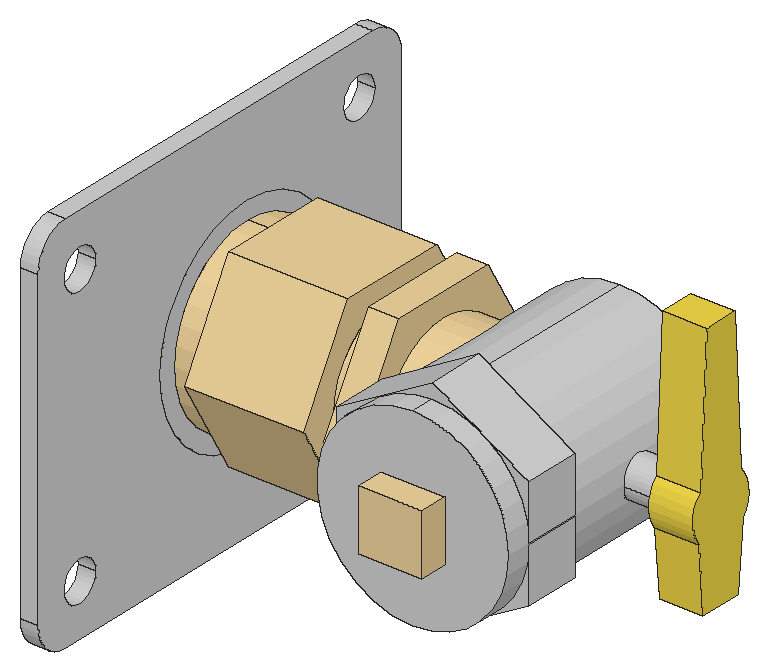
Revit family "Pipe_Fittings-OmegaFlex-TracPipe-AutoFlare-Flange_with_Valve", category Pipe Fittings, Revit 2023
Family settings
  Round Connector Dimension = Use Radius
  Part Type = Cap
  OmniClass Number = 23.60.30.11.14
  OmniClass Title = Pipework Fittings
  Work Plane-Based = No
  Always vertical = Yes
  Cut with Voids When Loaded = No
  Shared = No
Parameters (values of type "Standard")
  Valve Outlet Diameter [instance] = size_lookup(Lookup Table Name, "VOD", 0", Nominal Diameter 1)  # 3/4"
  Valve Inlet Diameter [instance] = size_lookup(Lookup Table Name, "VID", 0", Nominal Diameter 1)  # 3/4"
  Valve Handle Height [instance] = size_lookup(Lookup Table Name, "VH", 0' 0", Nominal Diameter 1)  # 0' - 1"
  URL = "https://www.omegaflex.com/"
  Tick Size [instance] = Fitting Outside Diameter * 0.4  # 0.42"
  Socket Entrance Offset [instance] = size_lookup(Lookup Table Name, "SEO", 0' 0", Nominal Diameter 1)  # 0' - 0.158"
  Socket Entrance Interior Diameter 1 [instance] = size_lookup(Lookup Table Name, "SEID1", 0' 0", Nominal Diameter 1)  # 0' - 1.065"
  Socket Entrance Diameter 2 [instance] = Socket Entrance Diameter 1 - 1/8"  # 1 1/4"
  Socket Entrance Diameter 1 [instance] = size_lookup(Lookup Table Name, "SED1", 0", Nominal Diameter 1)  # 1 3/8"
  Socket Entrance Thickness 1 [instance] = size_lookup(Lookup Table Name, "SET1", 0' 0", Nominal Diameter 1)  # 0' - 0.85"
  Part Number [instance] = size_lookup(Lookup Table Name, "PN", "0", Nominal Diameter 1)  # "FGP-RF90V-750"
  Part Description [instance] = size_lookup(Lookup Table Name, "PD", "0", Nominal Diameter 1)  # "90° Flange Valve - 3/4\""
  Valve Nut Exterior [instance] = size_lookup(Lookup Table Name, "VNE", 0' 0", Nominal Diameter 1)  # 0' - 1 3/8"
  Nominal Radius 1 [instance] = 3/8"
  Nominal Diameter 1 [instance] = Nominal Radius 1 * 2  # 3/4"
  Model = "TracPipe CounterStrike"
  Manufacturer = "OmegaFlex"  # constant formula
  Loss Method = K Coefficient from Table
  Lookup Table Name = "Pipe_Fittings-OmegaFlex-TracPipe-AutoFlare-Flange_with_Valve"
  Valve Connection Center [instance] = 2 31/256"  # constant formula
  K Coefficient Table = "Reducer/Coupling/Union/Increaser"
  Flange Outside Connection Diameter [instance] = Flange Connection Diameter + 0' 0 1/4"  # 0' - 1.565"
  Flange Connection Diameter [instance] = size_lookup(Lookup Table Name, "FCD", 0' 0", Nominal Diameter 1)  # 0' - 1.315"
  Fitting Outside Radius [instance] = Fitting Outside Diameter / 2  # 0.525"
  Fitting Outside Diameter [instance] = size_lookup(Lookup Table Name, "FOD", 0", Nominal Diameter 1)  # 1.05"
  Fitting Inside Diameter [instance] = size_lookup(Lookup Table Name, "FID", 0' 0", Nominal Diameter 1)  # 0' - 0.781"
  Description = "See Part Description"
  Default Elevation = 0' - 0"
Reference planes (in)
  plane 1 "Center (Front/Back)": y = 0
  plane 2: z = 0
  plane 3 "Center (Left/Right)": x = 0
  plane 4: z = 1.375
  plane 5: z = -1.375
  plane 6: z = 1
  plane 7: z = -1
  plane 8: y = 1.375
  plane 9: y = -1.875
  plane 10: y = 1
  plane 11: y = -1.5
  plane 12: x = -1.06055
  plane 13: x = -1.43555
  plane 14: x = 1.06055
  plane 15: x = -0.87415
  plane 16 "Valve": x = -0.02415
  plane 17: x = -1.18555
Forms (in)
  Extrusion 1, solid, material "Stainless Steel - OmegaFlex"
    sketch origin (-1.533, 0, 0) x (0, -1, 0) y (0, 0, -1)
      loop
        line (-1.125, -1.375) -> (1.625, -1.375)
        arc (1.625, -1.375) -> (1.80178, -1.30178) -> (1.875, -1.125) r 0.25
        line (1.875, -1.125) -> (1.875, 1.125)
        arc (1.875, 1.125) -> (1.80178, 1.30178) -> (1.625, 1.375) r 0.25
        line (1.625, 1.375) -> (-1.125, 1.375)
        arc (-1.125, 1.375) -> (-1.30178, 1.30178) -> (-1.375, 1.125) r 0.25
        line (-1.375, 1.125) -> (-1.375, -1.125)
        arc (-1.375, -1.125) -> (-1.30178, -1.30178) -> (-1.125, -1.375) r 0.25
      loop
        circle (-1, -1) r 0.145
      loop
        circle (1.5, -1) r 0.145
      loop
        circle (-1, 1) r 0.145
      loop
        circle (1.5, 1) r 0.145
      loop
        circle (0, 0) r 0.6575
    from 0.34745 to 0.47245
  Extrusion 2, solid, material "Brass - OmegaFlex"
    sketch origin (-1.06055, 0, 3.94401) x (0, 0, 1) y (0, -1, 0)
      loop
        circle (-3.94401, 0) r 0.6575
      loop
        circle (-3.94401, 0) r 0.5325
    from 0 to 0.1864
  Extrusion 3, solid, material "Stainless Steel - OmegaFlex"
    sketch origin (-1.06055, 0, 3.94401) x (0, 0, 1) y (0, -1, 0)
      loop
        circle (-3.94401, 0) r 0.7825
      loop
        circle (-3.94401, 0) r 0.6575
    from 0 to -0.375
  Extrusion 4, solid, material "Brass - OmegaFlex"
    sketch origin (-0.02415, 3.09718, 48) x (0, 1, 0) y (0, 0, -1)
      loop
        circle (-3.09718, 48) r 0.3905
      loop
        circle (-3.09718, 48) r 0.525
    from 0 to -1.08469
Dimensions and locks (in)
  equal spacing: plane 4, plane 2, plane 5
  locked: plane 4 to plane 5 at 2.75
  locked: plane 4 to plane 6 at 0.375
  locked: plane 7 to plane 5 at 0.375
  locked: plane 8 to plane 9 at 3.25
  locked: plane 10 to plane 11 at 2.5
  locked: plane 8 to plane 10 at 0.375
  locked: plane 12 to plane 17 at 0.125
  "Valve Connection Center": plane 14 to plane 12
  equal spacing: plane 14, plane 3 "Center (Left/Right)", plane 12
  locked: plane 13 to plane 17 at 0.25
  plane 15 to plane 16 "Valve" = 0' - 0.85"
  "Socket Entrance Interior Diameter 1": diameter of Extrusion 2 sketch curve
  "Flange Connection Diameter": diameter of Extrusion 2 sketch curve
  "Flange Connection Diameter": diameter of Extrusion 1 sketch curve
  "Flange Connection Diameter": diameter of Extrusion 3 sketch curve
  "Flange Outside Connection Diameter": diameter of Extrusion 3 sketch curve
  "Fitting Inside Diameter": diameter of Extrusion 4 sketch curve
  "Fitting Outside Diameter": diameter of Extrusion 4 sketch curve
  aligned and locked: Extrusion 1 sketch curve to plane 8
  aligned and locked: Extrusion 1 sketch curve to plane 9
  aligned and locked: plane 10 to Extrusion 1 sketch curve  (x2)
  aligned and locked: plane 11 to Extrusion 1 sketch curve  (x2)
  aligned and locked: plane 12 to Extrusion 1
  aligned and locked: plane 15 to nested 1
  aligned and locked: Extrusion 2 to plane 15
  aligned and locked: plane 13 to Extrusion 3
  aligned and locked: plane 14 to Extrusion 4
  aligned and locked: Extrusion 1 to plane 17
  aligned and locked: plane 14 to nested 2
  aligned and locked: plane 16 "Valve" to Extrusion 4
  aligned and locked: plane 16 "Valve" to nested 1
Automatic sketch dimensions
  Extrusion 1 sketch curve to plane 5 = 0' - 0"
  Extrusion 1 sketch curve to plane 4 = 0' - 0"
  Extrusion 1 sketch curve to level = 0' - 0"
  Extrusion 1 sketch curve to plane 1 "Center (Front/Back)" = 0' - 0"
  Extrusion 1 sketch curve to plane 6 = 0' - 0"  (x2)
  plane 7 to Extrusion 1 sketch curve = 0' - 0"  (x2)
  Extrusion 1 sketch curve to plane 10 = 0' - 0 1/8"  (x2)
  plane 11 to Extrusion 1 sketch curve = 0' - 0 1/8"
  plane 6 to Extrusion 1 sketch curve = 0' - 0 1/8"
  Extrusion 2 sketch curve to Extrusion 2 sketch curve = 0' - 0"  (x2)
  Extrusion 2 sketch curve to level = 0' - 0"
  Extrusion 2 sketch curve to plane 1 "Center (Front/Back)" = 0' - 0"
  Extrusion 3 sketch curve to Extrusion 3 sketch curve = 0' - 0"  (x2)
  Extrusion 3 sketch curve to level = 0' - 0"
  Extrusion 3 sketch curve to plane 1 "Center (Front/Back)" = 0' - 0"
  Extrusion 4 sketch curve to Extrusion 4 sketch curve = 0' - 0"  (x2)
  Extrusion 4 sketch curve to level = 0' - 0"
  Extrusion 4 sketch curve to plane 1 "Center (Front/Back)" = 0' - 0"
  radius of Extrusion 1 sketch curve = 0' - 0.145"  (x4)
Nested families (in)
  nested 1: "Nut-OmegaFlex-TracPipe" at (-0.02415, 0, 0) x (0, -1, 0) z (0, 0, 1), Interior Diameter <- "Socket Entrance Interior Diameter 1", Width <- "Socket Entrance Diameter 1", type "Nut"
    with Width 0' - 1 3/8", Thickness 0' - 0.85", Interior Diameter 0' - 1.065"
  nested 2: "Valve-OmegaFlex-TracPipe" at (0.31055, 0, 0) x (0, 0, -1) z (1, 0, 0), Handle Height <- "Valve Handle Height", TracPipe Inlet Diameter <- "Valve Inlet Diameter", Valve Outlet Diameter <- "Valve Outlet Diameter", Nut Exterior Front <- "Valve Nut Exterior", Nut Exterior Top <- "Valve Nut Exterior", Nut Interior Diameter Top <- "Valve Inlet Diameter", type "Valve"
    with Valve Outlet Diameter 3/4", Valve Body Height 0' - 0 3/4", TracPipe Inlet Diameter 3/4", Nut Thickness Top 0' - 0 53/128", Nut Thickness 2 0' - 0 1/2", Nut Thickness 1 0' - 0 7/32", Nut Interior Diameter Top 0' - 0 3/4", Nut Exterior Top 0' - 1 3/8", Nut Exterior Front 0' - 1 3/8", Handle Height 0' - 1"
Connectors (in)
  piping at (-0.87415, 0, 0), diameter 0.75, driven by "Nominal Radius 1"
    settings: on nested 1, index 4, connector inside diameter 24", connector length 0' - 0", flow factor 0, pipe flow 0 GPM, pressure drop 0.00 psi, fitting loss kfactor 0, connector angle 0.00°, fixture units 0, engagement length 0' - 0", angle of deflection 0.00°, flow configuration 0, flow direction 0, fitting loss method 0, system type 28, joint type 0, gender type 0, connector reference index 5, connector utility 0, adjustable connector no, is connector primary yes, connector description ""
  piping at (1.06055, -1.17045, 0), diameter 0.75, driven by "Nominal Radius 1"
    settings: on nested 2, index 5, connector inside diameter 24", connector length 0' - 0", flow factor 0, pipe flow 0 GPM, pressure drop 0.00 psi, fitting loss kfactor 0, connector angle 0.00°, fixture units 0, engagement length 0' - 0", angle of deflection 0.00°, flow configuration 0, flow direction 0, fitting loss method 0, system type 28, joint type 0, gender type 0, connector reference index 4, connector utility 0, adjustable connector no, is connector primary no, connector description ""
Definition of nested family "Nut-OmegaFlex-TracPipe"
  Parameters (values of type "Nut")
    Width [instance] = 0' - 7"
    Thickness [instance] = 0' - 1"
    Material = none
    Interior Diameter [instance] = 0' - 3"
    Default Elevation = 0' - 0"
  Reference planes (in)
    plane 1 "Center (Front/Back)": y = 0
    plane 2: z = 0
    plane 3 "Center (Left/Right)": x = 0
    plane 4: y = 1
  Forms (in)
    Extrusion 1, solid, material <- "Material"
      sketch origin (0, 0, 0) x (1, 0, 0) y (0, 0, 1)
        loop
          line (-2.02073, 3.5) -> (-4.04145, 0) -> (-2.02073, -3.5) -> (2.02073, -3.5) -> (4.04145, 0) -> (2.02073, 3.5) -> (-2.02073, 3.5)
        loop
          circle (0, 0) r 1.5
      from 0 to -1
  Dimensions and locks (in)
    equal spacing: Extrusion 1 sketch curve, plane 2, Extrusion 1 sketch curve
    "Width": Extrusion 1 sketch curve to Extrusion 1 sketch curve  (x3)
    equal spacing: Extrusion 1 sketch curve, plane 3 "Center (Left/Right)", Extrusion 1 sketch curve  (x2)
    "Thickness": plane 4 to plane 1 "Center (Front/Back)"
    plane 4 to plane 1 "Center (Front/Back)" = 0' - 1"
    "Interior Diameter": diameter of Extrusion 1 sketch curve
    locked: Extrusion 1 sketch curve to Extrusion 1 sketch curve (angle 120.00°)  (x5)
    angle Extrusion 1 sketch curve to Extrusion 1 sketch curve = 120.00°
    aligned and locked: plane 2 to level
    aligned and locked: plane 4 to Extrusion 1
    aligned and locked: plane 3 "Center (Left/Right)" to Extrusion 1 sketch curve
    aligned and locked: plane 2 to Extrusion 1 sketch curve
Definition of nested family "Valve-OmegaFlex-TracPipe"
  Parameters (values of type "Valve")
    Valve Outlet Diameter [instance] = 1/2"
    Valve Body Height [instance] = 0' - 0 3/4"
    TracPipe Inlet Diameter [instance] = 3/8"
    Part Number = ""
    Part Description = ""
    Nut Thickness Top [instance] = 0' - 0 53/128"
    Nut Thickness 2 [instance] = 0' - 0 1/2"
    Nut Thickness 1 [instance] = 0' - 0 7/32"
    Nut Interior Diameter Top [instance] = 0' - 0 3/8"
    Nut Exterior Top [instance] = 0' - 1"
    Nut Exterior Front [instance] = 0' - 1"
    Model = ""
    Manufacturer = ""
    Handle Height [instance] = 0' - 0 3/4"
    Description = ""
    Default Elevation = 4' - 0"
  Reference planes (in)
    plane 1 "Center (Front/Back)": y = 0
    plane 2: z = 0
    plane 3 "Center (Left/Right)": x = 0
    plane 4 "Horizontal Center": z = 0.75
    plane 5: z = 0
    plane 6: z = 1.25
    plane 7: z = 0.25
    plane 8: z = -0.0625
  Forms (in)
    Extrusion 1, solid
      sketch origin (0, -1.68729, 0) x (1, 0, 0) y (0, 1, 0)
        loop
          line (-0.17464, 1.86618) -> (-1.20293, 1.81229) -> (-1.20293, 1.56229) -> (-0.17464, 1.5084)
          arc (-0.17464, 1.5084) -> (-0.01308, 1.43763) -> (0.15498, 1.49113) r 0.25
          line (0.15498, 1.49113) -> (0.6253, 1.53227) -> (0.6253, 1.84231) -> (0.15498, 1.88345)
          arc (0.15498, 1.88345) -> (-0.01308, 1.93695) -> (-0.17464, 1.86618) r 0.25
      from 1.51277 to 1.82527
    Extrusion 2, solid
      sketch origin (0, -1.75685, 1.5625) x (1, 0, 0) y (0, 0, 1)
        loop
          circle (0, -0.8125) r 0.5
      from -2.43729 to -0.5864
    Extrusion 3, solid
      sketch origin (0, -1.68729, 0) x (0, -1, 0) y (1, 0, 0)
        loop
          circle (-1.68729, 0) r 0.1875
      from -0.0625 to 0.75
    Extrusion 4, solid
      sketch origin (0, -1.68729, 0) x (0, -1, 0) y (1, 0, 0)
        loop
          circle (-1.68729, 0) r 0.14765
      from 0.75 to 1.51277
    Extrusion 5, solid
      sketch origin (0, -1.75685, 0) x (1, 0, 0) y (0, 0, 1)
        loop
          line (0.21956, 0.97645) -> (-0.21956, 0.97645) -> (-0.21956, 0.52355) -> (0.21956, 0.52355) -> (0.21956, 0.97645)
      from -0.38325 to -0.5864
  Dimensions and locks (in)
    "Valve Body Height": plane 4 "Horizontal Center" to plane 2
    Extrusion 5 sketch curve to Extrusion 5 sketch curve = 0' - 0.4529"  (x2)
    Extrusion 5 sketch curve to Extrusion 5 sketch curve = 0' - 0.43912"  (x2)
    Extrusion 1 to Extrusion 1 to plane 6 = 0' - 0 5/16" locked, 0' - 0.26277" locked
    equal spacing: plane 6, plane 4 "Horizontal Center", plane 7
    "Nut Exterior Top": plane 6 to plane 7
    locked: plane 7 to plane 5 at 0.25
    "Nut Exterior Front": diameter of Extrusion 2 sketch curve
    "Nut Interior Diameter Top": diameter of Extrusion 3 sketch curve
    aligned and locked: plane 2 to level
    aligned and locked: Extrusion 4 to Extrusion 1  (x2)
    aligned and locked: plane 4 "Horizontal Center" to Extrusion 2 sketch curve
    aligned and locked: plane 3 "Center (Left/Right)" to Extrusion 2 sketch curve
    aligned and locked: plane 3 "Center (Left/Right)" to Extrusion 4 sketch curve
    aligned and locked: plane 1 "Center (Front/Back)" to Extrusion 4 sketch curve
    aligned and locked: Extrusion 4 to plane 4 "Horizontal Center"
    aligned and locked: plane 4 "Horizontal Center" to Extrusion 3
    aligned and locked: nested 2 to plane 5
    aligned and locked: Extrusion 3 to plane 8
  Automatic sketch dimensions
    Extrusion 1 sketch curve to Extrusion 1 sketch curve = 0' - 0"  (x2)
    plane 1 "Center (Front/Back)" to Extrusion 1 sketch curve = 0' - 0"
    Extrusion 1 sketch curve to plane 3 "Center (Left/Right)" = 0' - 0"
    Extrusion 1 sketch curve to plane 3 "Center (Left/Right)" = 0' - 0.17464"  (x2)
    plane 1 "Center (Front/Back)" to Extrusion 1 sketch curve = 0' - 0 1/8"
    Extrusion 1 sketch curve to Extrusion 1 sketch curve = 0' - 1.02829"
    plane 3 "Center (Left/Right)" to Extrusion 1 sketch curve = 0' - 0.15498"  (x2)
    plane 1 "Center (Front/Back)" to Extrusion 1 sketch curve = 0' - 0.15502"
    Extrusion 1 sketch curve to Extrusion 1 sketch curve = 0' - 0.47031"
    plane 1 "Center (Front/Back)" to Extrusion 1 sketch curve = 0' - 0.17889"
    Extrusion 1 sketch curve to plane 1 "Center (Front/Back)" = 0' - 0 1/8"
    Extrusion 1 sketch curve to plane 1 "Center (Front/Back)" = 0' - 0.15502"
    Extrusion 1 sketch curve to plane 1 "Center (Front/Back)" = 0' - 0.17889"
    Extrusion 5 sketch curve to plane 3 "Center (Left/Right)" = 0' - 0.21956"
    Extrusion 5 sketch curve to plane 4 "Horizontal Center" = 0' - 0.22645"
    plane 1 "Center (Front/Back)" to Extrusion 3 sketch curve = 0' - 0"
    Extrusion 3 sketch curve to plane 3 "Center (Left/Right)" = 0' - 0"
    radius of Extrusion 4 sketch curve = 0' - 0.14765"
  Nested families (in)
    nested 1: "Nut-OmegaFlex-TracPipe" at (0, -0.99299, 0.75), Interior Diameter <- "Nut Interior Diameter Top", Thickness <- "Nut Thickness Top", Width <- "Nut Exterior Front", type "Nut"
      with Width 0' - 1", Thickness 0' - 0 53/128", Material none, Interior Diameter 0' - 0 3/8"
    nested 2: "Nut-OmegaFlex-TracPipe" at (0, 0, 0) x (0, 1, 0) z (1, 0, 0), Interior Diameter <- "Nut Interior Diameter Top", Width <- "Nut Exterior Top", Thickness <- "Nut Thickness 1", type "Nut"
      with Width 0' - 1", Thickness 0' - 0 7/32", Material none, Interior Diameter 0' - 0 3/8"
  Definition of nested family "Nut-OmegaFlex-TracPipe"
    Parameters (values of type "Nut")
      Width [instance] = 0' - 7"
      Thickness [instance] = 0' - 1"
      Material [instance] = none
      Interior Diameter [instance] = 0' - 3"
      Default Elevation = 4' - 0"
    Reference planes (in)
      plane 1 "Center (Front/Back)": y = 0
      plane 2: z = 0
      plane 3 "Center (Left/Right)": x = 0
      plane 4: y = 1
    Forms (in)
      Extrusion 1, solid, material <- "Material"
        sketch origin (0, 0, 0) x (1, 0, 0) y (0, 0, 1)
          loop
            line (-2.02073, 3.5) -> (-4.04145, 0) -> (-2.02073, -3.5) -> (2.02073, -3.5) -> (4.04145, 0) -> (2.02073, 3.5) -> (-2.02073, 3.5)
          loop
            circle (0, 0) r 1.5
        from 0 to -1
    Dimensions and locks (in)
      equal spacing: Extrusion 1 sketch curve, plane 2, Extrusion 1 sketch curve
      "Width": Extrusion 1 sketch curve to Extrusion 1 sketch curve  (x3)
      equal spacing: Extrusion 1 sketch curve, plane 3 "Center (Left/Right)", Extrusion 1 sketch curve  (x2)
      "Thickness": plane 4 to plane 1 "Center (Front/Back)"
      plane 4 to plane 1 "Center (Front/Back)" = 0' - 1"
      "Interior Diameter": diameter of Extrusion 1 sketch curve
      locked: Extrusion 1 sketch curve to Extrusion 1 sketch curve (angle 120.00°)  (x5)
      angle Extrusion 1 sketch curve to Extrusion 1 sketch curve = 120.00°
      aligned and locked: plane 2 to level
      aligned and locked: plane 4 to Extrusion 1
      aligned and locked: plane 3 "Center (Left/Right)" to Extrusion 1 sketch curve
      aligned and locked: plane 2 to Extrusion 1 sketch curve
